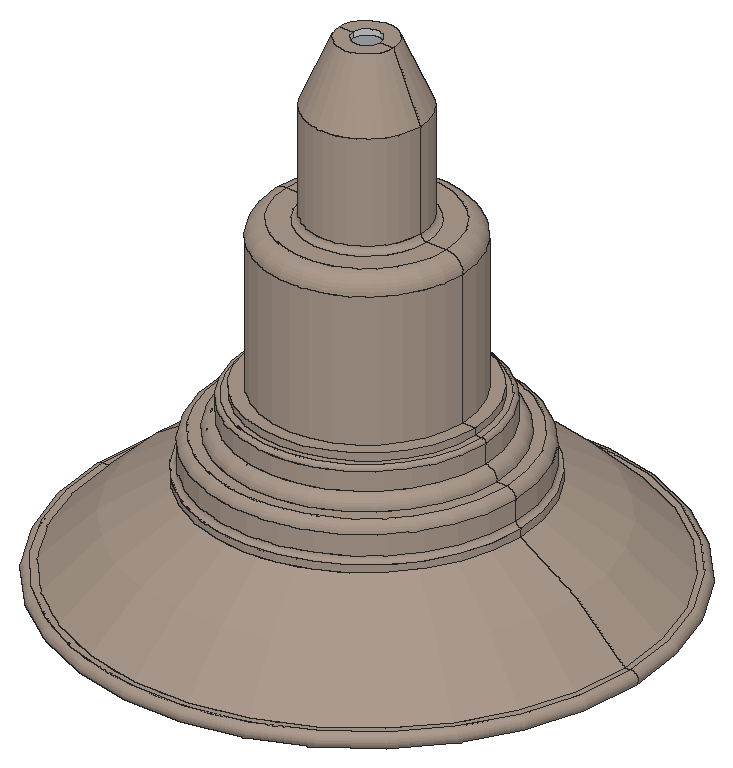
Revit family "HR10 SHADE", category Lighting Fixtures, Revit 2024
Family settings
  Round Connector Dimension = Use Diameter
  Part Type = Normal
  OmniClass Number = 23.80.70.00
  OmniClass Title = Lighting
  Work Plane-Based = No
  Always vertical = Yes
  Cut with Voids When Loaded = No
  Light Source = Yes
  Maintain Annotation Orientation = No
  Shared = No
  Room Calculation Point = No
Parameters
  Wattage = 12.1178 W
  built-in parameter 1150110 = 1 (stored number, unit not read)
  built-in parameter 1114217 = 1 (stored number, unit not read)
  built-in parameter 1150109 = 1 (stored number, unit not read)
  built-in parameter 1150134 = (empty or 0)
  built-in parameter 1150113 = 1 (stored number, unit not read)
  Lumens = 1800 lm
  built-in parameter 1150115 = 1 (stored number, unit not read)
  built-in parameter 1150105 = 572.96 (stored number, unit not read)
  Light Source Symbol Size = 2' - 0"
  built-in parameter 1150137 = (empty or 0)
  built-in parameter 1150139 = (empty or 0)
  built-in parameter 1150112 = 1 (stored number, unit not read)
  built-in parameter 1150114 = 1 (stored number, unit not read)
  built-in parameter 1150132 = 2
  built-in parameter 1150102 = (empty or 0)
  built-in parameter 1150138 = (empty or 0)
  built-in parameter 1150107 = 3000 (stored number, unit not read)
  built-in parameter 1150106 = 5.7296 (stored number, unit not read)
  built-in parameter 1150104 = 13.8 (stored number, unit not read)
  Dimming Lamp Color Temperature Shift = (empty or 0)
  Default Elevation = 0' - 0"
  Color Filter = 16777215
  built-in parameter 1114218 = 1 (stored number, unit not read)
  built-in parameter 1150133 = 10 (stored number, unit not read)
Reference planes (in)
  plane 1 "Light Source Axis (F/B)": y = 0
  plane 2: z = 12
  plane 3 "Light Source Axis (L/R)": x = 0
  plane 4 "Light Source Elevation": z = 84
Forms (in)
  Revolve 1, solid
    sketch origin (0, 0, 0) x (1, 0, 0) y (0, 0, 1)
      loop
        line (-0.25, 93) -> (-0.5, 93) -> (-0.99542, 91.87454) -> (-0.99542, 90.1063)
        arc (-0.99542, 90.1063) -> (-1.02627, 90.03182) -> (-1.10076, 90.00096) r 0.10534
        line (-1.10076, 90.00096) -> (-1.4692, 90.00096)
        arc (-1.4692, 90.00096) -> (-1.68123, 89.91314) -> (-1.76906, 89.7011) r 0.29986
        line (-1.76906, 89.7011) -> (-1.76906, 87.25482) -> (-2.00467, 87.25482) -> (-2.00467, 87.12477) -> (-2.11705, 87.12477)
        arc (-2.11705, 87.12477) -> (-2.17006, 87.10281) -> (-2.19202, 87.0498) r 0.07497
        line (-2.19202, 87.0498) -> (-2.19202, 86.72468)
        arc (-2.19202, 86.72468) -> (-2.34302, 86.65677) -> (-2.39882, 86.50088) r 0.21149
        line (-2.39882, 86.50088) -> (-2.60033, 86.50088)
        arc (-2.60033, 86.50088) -> (-2.70323, 86.43573) -> (-2.74952, 86.32309) r 0.20073
        line (-2.74952, 86.32309) -> (-2.74952, 85.97074)
        arc (-2.74952, 85.97074) -> (-2.77774, 85.90261) -> (-2.84588, 85.87438) r 0.09636
        line (-2.84588, 85.87438) -> (-2.84588, 85.74926)
        arc (-2.84588, 85.74926) -> (-3.87571, 85.09412) -> (-4.76052, 84.25338) r 6.32446
        line (-4.76052, 84.25338) -> (-4.87438, 84.25338)
        arc (-4.87438, 84.25338) -> (-4.9649, 84.03805) -> (-4.74772, 84.12404) r 0.12669
        arc (-4.74772, 84.12404) -> (-3.83056, 85.0104) -> (-2.75213, 85.69142) r 6.23071
        line (-2.75213, 85.69142) -> (-2.75213, 85.80535)
        arc (-2.75213, 85.80535) -> (-2.68162, 85.87504) -> (-2.65577, 85.97074) r 0.19011
        line (-2.65577, 85.97074) -> (-2.65577, 86.31866)
        arc (-2.65577, 86.31866) -> (-2.63361, 86.37275) -> (-2.58633, 86.40713) r 0.10698
        line (-2.58633, 86.40713) -> (-2.23871, 86.40713)
        arc (-2.23871, 86.40713) -> (-2.28104, 86.585) -> (-2.09827, 86.58982) r 0.11774
        line (-2.09827, 86.58982) -> (-2.09827, 87.03102) -> (-1.91092, 87.03102) -> (-1.91092, 87.16107) -> (-1.67531, 87.16107) -> (-1.67531, 89.7011)
        arc (-1.67531, 89.7011) -> (-1.61494, 89.84684) -> (-1.4692, 89.90721) r 0.20611
        line (-1.4692, 89.90721) -> (-1.10076, 89.90721)
        arc (-1.10076, 89.90721) -> (-0.95998, 89.96552) -> (-0.90167, 90.1063) r 0.19909
        line (-0.90167, 90.1063) -> (-0.90167, 91.85482) -> (-0.43884, 92.90625) -> (-0.25, 92.90625) -> (-0.25, 93)
      axis (0, 93) -> (0, 84.12404)
    angle from 0 to 360
Dimensions and locks (in)
  aligned and locked: plane 3 "Light Source Axis (L/R)" to imposter light
  aligned and locked: plane 1 "Light Source Axis (F/B)" to imposter light
  aligned and locked: plane 4 "Light Source Elevation" to imposter light
  aligned and locked: level to plane 2
